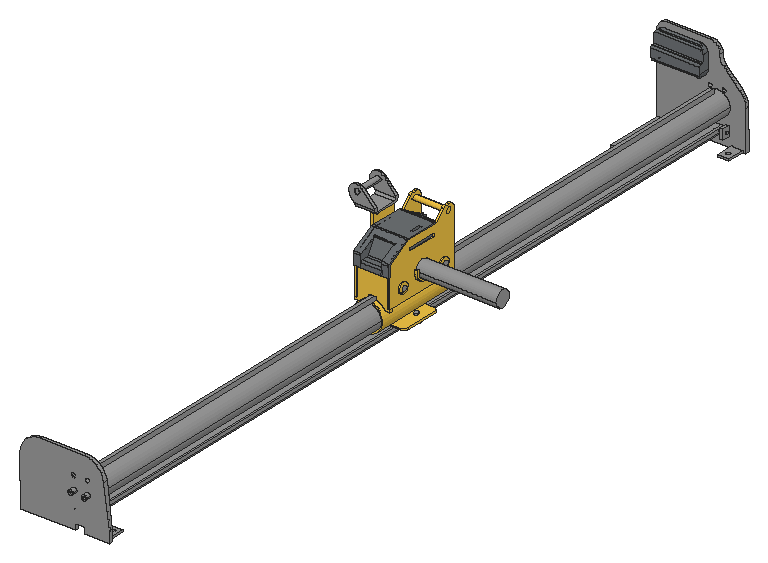
Revit family "ASSA_ABLOY_DockEquipment_DE6190MR", category Specialty Equipment, Revit 2020
Family settings
  Round Connector Dimension = Use Diameter
  Part Type = Normal
  Work Plane-Based = No
  Always vertical = Yes
  Cut with Voids When Loaded = No
  Shared = No
  Room Calculation Point = No
Parameters
  URL = "https://www.assaabloyentrance.com/global/en/solutions/products/loading-dock-equipment/vehicle-restraint-systems/assa-abloy-de6090mr-manual-restraint-system"
  RestraintColor [instance] = none
  ActivatedPosition [instance] = yes
  ParkingPosition [instance] = not(ActivatedPosition)  # no
  PositionOfManualRestraintWanted [instance] = 3000 mm
  PositionOfManualRestraint [instance] = if(and(H50, PositionOfManualRestraintWanted < 2845 mm), 2845 mm, if(and(H50, PositionOfManualRestraintWanted > 4310 mm), 4310 mm, if(and(H50, PositionOfManualRestraintWanted < 4310 mm, PositionOfManualRestraintWanted > 2844 mm), PositionOfManualRestraintWanted, if(and(H50XL, PositionOfManualRestraintWanted < 1245 mm), 1245 mm, if(and(H50XL, PositionOfManualRestraintWanted > 4710 mm), 4710 mm, if(and(H50XL, PositionOfManualRestraintWanted < 4710 mm, PositionOfManualRestraintWanted > 1244 mm), PositionOfManualRestraintWanted, PositionOfManualRestraintWanted))))))  # 3000 mm
  WorkingRange [instance] = if(H50, 1465 mm, 3465 mm)  # 3465 mm
  VoidXL [instance] = if(H50XL, 20 mm, 3 mm)  # 20 mm
  VoidQty [instance] = ((TotalLength - 420 mm) / 70 mm) + 1  # 53
  TotalLength [instance] = if(H50, 2030 mm, 4030 mm)  # 4030 mm
  RestraintSystemType [instance] = "H50 Or H50XL"  # constant formula
  RestraintFromBackRef [instance] = if(H50, 2600 mm, 1000 mm)  # 1000 mm
  PositionOfManualRestraintRange [instance] = "H50 : 2845mm To 4310mm, H50XL : 1245mm To 4710mm"  # constant formula
  Model = "DE6190MR"  # constant formula
  Manufacturer = "ASSA ABLOY"  # constant formula
  H50XL [instance] = not(H50)  # yes
  H50 [instance] = no
  Distance [instance] = 12 mm  # constant formula
  Description = "Docking: Equipment"  # constant formula
  Default Elevation = 0 mm
  Min.DistanceCentreWheelToBuffer = 850 mm
  CentreRestraintFromCentreLeveler [instance] = 1600 mm  # constant formula
  CentreBack [instance] = 245 mm  # constant formula
Reference planes
  plane 1 "Center (Front/Back)": y = 0
  plane 2: z = 0
  plane 3 "Center (Left/Right)": x = 0
  plane 4 "Back": y = 100
  plane 5: y = 950
  plane 6 "RestraintBack": y = 1100
  plane 7 "BackCentre": y = 1345
  plane 8 "FrontCentre": y = 4810
  plane 9: y = 2130
  plane 10 "RestraintFront": y = 5130
  plane 11 "CentreRestraint": x = -1600
  plane 12: z = 178.638
  plane 13 "1": y = 4908
  plane 14: y = 4838
  plane 15: y = 3140
  plane 16: y = 3100
  plane 17: y = 5123.13
  plane 18: y = 5115
Forms (mm)
  Sweep 1, solid, material "Steel, Galvanized"
    path origin (0, 0, 0) x (1, 0, 0) y (0, 1, 0)
      loop
        line (-1600, 5115) -> (-1600, 5130)
    profile origin (-1600, 5122.5, 0) x (-1, 0, 0) y (0, 0, 1)
      loop
        line (-32.404, 357.14) -> (-115.541, 274.003)
        arc (-115.541, 274.003) -> (-137.218, 241.561) -> (-144.83, 203.293) r 100
        line (-144.83, 203.293) -> (-144.83, 0) -> (305.182, 0) -> (305.182, 404.003)
        arc (305.182, 404.003) -> (290.537, 439.359) -> (255.182, 454.003) r 50
        line (255.182, 454.003) -> (35.17, 454.003)
        arc (35.17, 454.003) -> (0.313, 439.858) -> (-14.83, 405.423) r 50.021
        arc (-14.83, 405.423) -> (-18.265, 379.334) -> (-32.404, 357.14) r 60.79
      loop
        line (67.368, 395.945) -> (67.368, 355.253) -> (267.368, 355.253) -> (267.368, 395.945) -> (67.368, 395.945)
      loop
        circle (34, 247.638) r 10.5
      loop
        circle (33.604, 178.638) r 10.5
      loop
        circle (-36.791, 178.638) r 10.5
      loop
        circle (-36.396, 247.638) r 10.5
  Sweep 2, solid, material "Steel, Galvanized"
    path origin (0, 0, 0) x (1, 0, 0) y (0, 1, 0)
      loop
        line (-1600, 1100) -> (-1600, 1115)
    profile origin (-1600, 1107.5, 0) x (-1, 0, 0) y (0, 0, 1)
      loop
        line (-118.28, 266.407) -> (-144.83, 54.003) -> (-144.83, 0) -> (-22.763, 0) -> (-22.763, 23.461)
        arc (-22.763, 23.461) -> (-21.006, 27.703) -> (-16.763, 29.461) r 6
        line (-16.763, 29.461) -> (21.237, 29.461)
        arc (21.237, 29.461) -> (25.479, 27.703) -> (27.237, 23.461) r 6
        line (27.237, 23.461) -> (27.237, 0) -> (305.182, 0) -> (305.182, 254.003)
        arc (305.182, 254.003) -> (275.892, 324.714) -> (205.182, 354.003) r 100
        line (205.182, 354.003) -> (-19.052, 354.003)
        arc (-19.052, 354.003) -> (-85.233, 328.971) -> (-118.28, 266.407) r 100
      loop
        circle (-36.791, 178.638) r 10.5
      loop
        circle (-36.396, 247.638) r 10.5
      loop
        circle (34, 247.638) r 10.5
      loop
        circle (33.604, 178.638) r 10.5
  Sweep 3, solid, material "Steel, Galvanized"
    path origin (0, 0, 0) x (1, 0, 0) y (0, 1, 0)
      loop
        line (-1600, 5112.34) -> (-1600, 1122.34)
    profile origin (-1600, 3117.34, 0) x (1, 0, 0) y (0, 0, 1)
      loop
        line (24, 88.798) -> (-24, 88.798)
        arc (-24, 88.798) -> (-28.243, 87.04) -> (-30, 82.798) r 6
        line (-30, 82.798) -> (-30, 64.798)
        arc (-30, 64.798) -> (-28.243, 60.555) -> (-24, 58.798) r 6
        line (-24, 58.798) -> (24, 58.798)
        arc (24, 58.798) -> (28.243, 60.555) -> (30, 64.798) r 6
        line (30, 64.798) -> (30, 82.798)
        arc (30, 82.798) -> (28.243, 87.04) -> (24, 88.798) r 6
      loop
        line (24, 85.798) -> (-24, 85.798)
        arc (-24, 85.798) -> (-26.121, 84.919) -> (-27, 82.798) r 3
        line (-27, 82.798) -> (-27, 64.798)
        arc (-27, 64.798) -> (-26.121, 62.676) -> (-24, 61.798) r 3
        line (-24, 61.798) -> (24, 61.798)
        arc (24, 61.798) -> (26.121, 62.676) -> (27, 64.798) r 3
        line (27, 64.798) -> (27, 82.798)
        arc (27, 82.798) -> (26.121, 84.919) -> (24, 85.798) r 3
  Sweep 4, void
    path origin (0, 0, 0) x (1, 0, 0) y (0, 0, 1)
      loop
        line (-1600, 61.798) -> (-1600, 58.798)
    profile origin (-1600, 0, 60.298) x (0, -1, 0) y (1, 0, 0)
      loop
        arc (-5030.34, -15) -> (-5024.683, -12.657) -> (-5022.34, -7) r 8
        line (-5022.34, -7) -> (-5022.34, 7)
        arc (-5022.34, 7) -> (-5024.683, 12.657) -> (-5030.34, 15) r 8
        line (-5030.34, 15) -> (-5107.34, 15)
        arc (-5107.34, 15) -> (-5110.875, 16.464) -> (-5112.34, 20) r 5
        line (-5112.34, 20) -> (-5112.34, -20)
        arc (-5112.34, -20) -> (-5110.875, -16.464) -> (-5107.34, -15) r 5
        line (-5107.34, -15) -> (-5030.34, -15)
      loop
        line (-1194.34, -15) -> (-1127.34, -15)
        arc (-1127.34, -15) -> (-1123.804, -16.464) -> (-1122.34, -20) r 5
        line (-1122.34, -20) -> (-1122.34, 20)
        arc (-1122.34, 20) -> (-1123.804, 16.464) -> (-1127.34, 15) r 5
        line (-1127.34, 15) -> (-1194.34, 15)
        arc (-1194.34, 15) -> (-1199.997, 12.657) -> (-1202.34, 7) r 8
        line (-1202.34, 7) -> (-1202.34, -7)
        arc (-1202.34, -7) -> (-1199.997, -12.657) -> (-1194.34, -15) r 8
  Sweep 5, solid, material "Steel, Galvanized"
    path origin (0, 0, 0) x (1, 0, 0) y (0, 1, 0)
      loop
        line (-1600, 1115.712) -> (-1600, 5115)
    profile origin (-1600, 3115.356, 0) x (-1, 0, 0) y (0, 0, 1)
      loop
        circle (0, 178.638) r 55
      loop
        circle (0, 178.638) r 62.362
  Sweep 6, solid, material "Steel, Galvanized"
    path origin (0, 0, 0) x (1, 0, 0) y (0, 1, 0)
      loop
        line (-1600, 1152.712) -> (-1600, 5078.872)
    profile origin (-1600, 3115.792, 0) x (-1, 0, 0) y (0, 0, 1)
      loop
        line (10, 261) -> (-10, 261) -> (-10, 241) -> (10, 241) -> (10, 261)
  Sweep 7, solid, material "Steel, Galvanized"
    path origin (-1600, 0, 0) x (0, 1, 0) y (0, 0, 1)
      loop
        line (5115, 15) -> (5115, 0)
    profile origin (-1600, 5115, 7.5) x (1, 0, 0) y (0, 1, 0)
      loop
        line (-296.182, -299.956) -> (-196.182, -299.956) -> (-146.182, -224.956) -> (-146.182, 0.044) -> (-296.182, 0.044) -> (-296.182, -299.956)
      loop
        line (-196.182, -3699.582) -> (-296.182, -3699.582) -> (-296.182, -3999.582) -> (-146.182, -3999.582) -> (-146.182, -3774.582) -> (-196.182, -3699.582)
      loop
        circle (-256.149, -149.936) r 10.5
      loop
        circle (-200.068, -149.777) r 17.489
      loop
        circle (-256.075, -250.165) r 9
      loop
        circle (-255.9, -49.622) r 9
      loop
        circle (-256.149, -3850.064) r 10.5
      loop
        circle (-200.068, -3850.223) r 17.489
      loop
        circle (-256.075, -3749.835) r 9
      loop
        circle (-255.9, -3950.378) r 9
  Sweep 8, solid, material "Steel, Galvanized"
    path origin (-1600, 0, 0) x (0, 1, 0) y (0, 0, 1)
      loop
        line (5115, 9.7) -> (5115, 0)
    profile origin (-1600, 5115, 4.85) x (1, 0, 0) y (0, 1, 0)
      loop
        line (74.218, -89.673) -> (129.334, -89.673) -> (129.334, 0) -> (74.218, 0) -> (74.218, -89.673)
      loop
        circle (101.962, -59.732) r 10
      loop
        line (74.218, -3909.321) -> (74.218, -4000) -> (129.334, -4000) -> (129.334, -3909.321) -> (74.218, -3909.321)
      loop
        circle (101.962, -3940.268) r 10
  Sweep 9, solid, material "Steel, Galvanized"
    path origin (-1600, 0, 0) x (0, 1, 0) y (0, 0, 1)
      loop
        line (5115, 47.489) -> (5075.712, 47.489)
    profile origin (-1600, 5095.356, 47.489) x (0, 0, -1) y (1, 0, 0)
      loop
        line (-49.654, -58.333) -> (0, -58.333) -> (0, -46.191) -> (-49.654, -46.191) -> (-49.654, -58.333)
      loop
        line (0, 45.671) -> (0, 57.642) -> (-49.654, 57.642) -> (-49.654, 45.671) -> (0, 45.671)
  Sweep 10, solid, material "Steel, Galvanized"
    path origin (-1600, 0, 0) x (0, 1, 0) y (0, 0, 1)
      loop
        line (1155.852, 47.489) -> (1115.852, 47.489)
    profile origin (-1600, 1135.852, 47.489) x (0, 0, -1) y (1, 0, 0)
      loop
        line (-49.654, -58.333) -> (0, -58.333) -> (0, -46.191) -> (-49.654, -46.191) -> (-49.654, -58.333)
      loop
        line (0, 45.671) -> (0, 57.642) -> (-49.654, 57.642) -> (-49.654, 45.671) -> (0, 45.671)
  Sweep 11, solid, material "Steel, Galvanized"
    path origin (0, 0, 0) x (1, 0, 0) y (0, 1, 0)
      loop
        line (-1533.521, 5095.712) -> (-1666.479, 5095.712)
    profile origin (-1600, 5095.712, 0) x (0, -1, 0) y (0, 0, 1)
      loop
        circle (-0.081, 74.55) r 5.58
  Sweep 12, solid, material "Steel, Galvanized"
    path origin (0, 0, 0) x (1, 0, 0) y (0, 1, 0)
      loop
        line (-1664.796, 1135.852) -> (-1531.828, 1135.852)
    profile origin (-1598.312, 1135.852, 0) x (0, 1, 0) y (0, 0, 1)
      loop
        circle (-0.081, 74.55) r 5.58
  Sweep 13, void
    path origin (-1600, 800, 60.298) x (0, -1, 0) y (1, 0, 0)
      loop
        line (-4120, -70.356) -> (-4120, -50.356)
    profile origin (-1660.356, 4920, 60.298) x (0, 1, 0) y (0, 0, 1)
      loop
        circle (0, 118.341) r 12
      loop
        circle (-70, 118.341) r 12
      loop
        circle (-140, 118.341) r 12
      loop
        circle (-210, 118.341) r 12
      loop
        circle (-280, 118.341) r 12
      loop
        circle (-350, 118.341) r 12
      loop
        circle (-420, 118.341) r 12
      loop
        circle (-490, 118.341) r 12
      loop
        circle (-560, 118.341) r 12
      loop
        circle (-630, 118.341) r 12
      loop
        circle (-700, 118.341) r 12
      loop
        circle (-770, 118.341) r 12
      loop
        circle (-840, 118.341) r 12
      loop
        circle (-910, 118.341) r 12
      loop
        circle (-980, 118.341) r 12
      loop
        circle (-1050, 118.341) r 12
      loop
        circle (-1120, 118.341) r 12
      loop
        circle (-1190, 118.341) r 12
      loop
        circle (-1260, 118.341) r 12
      loop
        circle (-1330, 118.341) r 12
      loop
        circle (-1400, 118.341) r 12
      loop
        circle (-1470, 118.341) r 12
      loop
        circle (-1540, 118.341) r 12
      loop
        circle (-1610, 118.341) r 12
      loop
        circle (-1680, 118.341) r 12
  Sweep 14, void
    path origin (-1600, 800, 60.298) x (0, -1, 0) y (1, 0, 0)
      loop
        line (-4120, -70.356) -> (-4120, -50.356)
    profile origin (-1660.356, 4920, 60.298) x (0, 1, 0) y (0, 0, 1)
      loop
        circle (-1750, 118.341) r 12
      loop
        circle (-1820, 118.341) r 12
      loop
        circle (-1890, 118.341) r 12
      loop
        circle (-1960, 118.341) r 12
      loop
        circle (-2030, 118.341) r 12
      loop
        circle (-2100, 118.341) r 12
      loop
        circle (-2170, 118.341) r 12
      loop
        circle (-2240, 118.341) r 12
      loop
        circle (-2310, 118.341) r 12
      loop
        circle (-2380, 118.341) r 12
      loop
        circle (-2450, 118.341) r 12
      loop
        circle (-2520, 118.341) r 12
      loop
        circle (-2590, 118.341) r 12
      loop
        circle (-2660, 118.341) r 12
      loop
        circle (-2730, 118.341) r 12
      loop
        circle (-2800, 118.341) r 12
      loop
        circle (-2870, 118.341) r 12
      loop
        circle (-2940, 118.341) r 12
      loop
        circle (-3010, 118.341) r 12
      loop
        circle (-3080, 118.341) r 12
      loop
        circle (-3150, 118.341) r 12
      loop
        circle (-3220, 118.341) r 12
      loop
        circle (-3290, 118.341) r 12
      loop
        circle (-3360, 118.341) r 12
      loop
        circle (-3430, 118.341) r 12
      loop
        circle (-3500, 118.341) r 12
      loop
        circle (-3570, 118.341) r 12
  Sweep 15, solid, material "Paint Finish RAL 7016"
    path origin (-1600, 0, 0) x (0, 1, 0) y (0, 0, 1)
      loop
        line (5115, 337.273) -> (5069.234, 337.273)
    profile origin (-1600, 5092.117, 337.273) x (0, 0, -1) y (1, 0, 0)
      loop
        line (-87.557, -84.065) -> (-87.557, -263.884)
        arc (-87.557, -263.884) -> (-77.289, -288.673) -> (-52.5, -298.941) r 35.057
        line (-52.5, -298.941) -> (25.653, -298.941)
        arc (25.653, -298.941) -> (51.415, -288.27) -> (62.086, -262.508) r 36.433
        line (62.086, -262.508) -> (62.086, -84.762)
        arc (62.086, -84.762) -> (51.696, -59.678) -> (26.613, -49.288) r 35.474
        line (26.613, -49.288) -> (-52.78, -49.288)
        arc (-52.78, -49.288) -> (-77.371, -59.474) -> (-87.557, -84.065) r 34.777
  Extrusion 16, void
    sketch origin (-1600, 0, 0) x (0, 1, 0) y (0, 0, 1)
      loop
        line (5116.149, 425.246) -> (5116.149, 442.602) -> (5041.149, 442.602) -> (5041.149, 269.321) -> (5116.149, 269.321) -> (5116.149, 274.846) -> (5112.744, 275.187)
        arc (5112.744, 275.187) -> (5107.186, 277.529) -> (5103.914, 282.596) r 10.23
        arc (5103.914, 282.596) -> (5102.595, 285.781) -> (5099.409, 287.101) r 4.505
        line (5099.409, 287.101) -> (5077.731, 287.959)
        arc (5077.731, 287.959) -> (5071.723, 290.448) -> (5069.234, 296.456) r 8.497
        line (5069.234, 296.456) -> (5069.234, 341.132)
        arc (5069.234, 341.132) -> (5071.964, 347.722) -> (5078.554, 350.451) r 9.32
        line (5078.554, 350.451) -> (5084.222, 350.838)
        arc (5084.222, 350.838) -> (5087.766, 352.306) -> (5089.234, 355.85) r 5.012
        line (5089.234, 355.85) -> (5089.234, 405.667)
        arc (5089.234, 405.667) -> (5092.024, 412.401) -> (5098.758, 415.19) r 9.524
        arc (5098.758, 415.19) -> (5101.785, 416.145) -> (5103.717, 418.663) r 5.277
        arc (5103.717, 418.663) -> (5106.93, 422.982) -> (5111.987, 424.83) r 9.399
        line (5111.987, 424.83) -> (5116.149, 425.246)
    from -305.182 to 144.83
  Extrusion 17, solid, material "GreenLight", visible <- "ParkingPosition"
    sketch origin (0, 0, 0) x (1, 0, 0) y (0, 0, 1)
      loop
        line (-1867.368, 395.945) -> (-1867.368, 355.253) -> (-1667.368, 355.253) -> (-1667.368, 395.945) -> (-1867.368, 395.945)
    from -5115 to -5123.13
  Extrusion 18, solid, material "RedLight", visible <- "ActivatedPosition"
    sketch origin (0, 0, 0) x (1, 0, 0) y (0, 0, 1)
      loop
        line (-1667.368, 395.945) -> (-1867.368, 395.945) -> (-1867.368, 355.253) -> (-1667.368, 355.253) -> (-1667.368, 395.945)
    from -5115 to -5123.13
  Sweep 19, solid, material "Steel, Galvanized"
    path origin (-1600, 0, 60.298) x (0, -1, 0) y (1, 0, 0)
      loop
        line (-1076.963, 0) -> (-1100, 0)
    profile origin (-1600, 1088.481, 60.298) x (-1, 0, 0) y (0, 0, 1)
      loop
        circle (33.574, 118.341) r 11.608
      loop
        line (40.361, 122.013) -> (34, 125.686) -> (28.035, 122.242) -> (28.035, 114.44) -> (34, 110.995) -> (40.361, 114.668) -> (40.361, 122.013)
      loop
        circle (-35.574, 118.341) r 11.608
      loop
        line (-42.361, 122.013) -> (-42.361, 114.668) -> (-36, 110.995) -> (-30.035, 114.44) -> (-30.035, 122.242) -> (-36, 125.686) -> (-42.361, 122.013)
  Sweep 20, solid, material "Steel, Galvanized"
    path origin (-1600, 8030, 60.298) x (0, 1, 0) y (1, 0, 0)
      loop
        line (-2876.963, 0) -> (-2900, 0)
    profile origin (-1600, 5141.519, 60.298) x (1, 0, 0) y (0, 0, 1)
      loop
        circle (-33.574, 118.341) r 11.608
      loop
        line (-40.361, 122.013) -> (-40.361, 114.668) -> (-34, 110.995) -> (-28.035, 114.44) -> (-28.035, 122.242) -> (-34, 125.686) -> (-40.361, 122.013)
      loop
        circle (35.574, 118.341) r 11.608
      loop
        line (42.361, 122.013) -> (36, 125.686) -> (30.035, 122.242) -> (30.035, 114.44) -> (36, 110.995) -> (42.361, 114.668) -> (42.361, 122.013)
Cuts and joins
  Sweep 4 cuts Sweep 3
  Sweep 13, Sweep 14 cuts Sweep 5
  Extrusion 16 cuts Sweep 15
Dimensions and locks
  "Min.DistanceCentreWheelToBuffer": plane 5 to plane 4 "Back"
  "RestraintFromBackRef": plane 6 "RestraintBack" to plane 4 "Back"
  locked: plane 4 "Back" to plane 1 "Center (Front/Back)" at 100
  locked: plane 7 "BackCentre" to plane 6 "RestraintBack" at 245
  "WorkingRange": plane 8 "FrontCentre" to plane 7 "BackCentre"
  "TotalLength": plane 10 "RestraintFront" to plane 6 "RestraintBack"
  "CentreRestraintFromCentreLeveler": plane 11 "CentreRestraint" to plane 3 "Center (Left/Right)"
  Sweep 1 sketch curve to Sweep 1 sketch curve = 15 mm
  Sweep 2 sketch curve to Sweep 2 sketch curve = 15 mm
  Sweep 3 sketch curve to plane 6 "RestraintBack" = 22.34 mm
  plane 10 "RestraintFront" to Sweep 3 sketch curve = 17.66 mm
  Sweep 4 sketch curve to Sweep 4 sketch curve to plane 2 = 3 mm, 58.798 mm
  plane 10 "RestraintFront" to Sweep 4 sketch curve to Sweep 4 sketch curve = 17.66 mm, 90 mm
  Sweep 4 sketch curve to Sweep 4 sketch curve = 80 mm
  Sweep 4 sketch curve to plane 6 "RestraintBack" = 22.34 mm
  locked: plane 12 to plane 2 at 178.638
  plane 10 "RestraintFront" to Sweep 5 sketch curve = 15 mm
  Sweep 5 sketch curve to plane 6 "RestraintBack" = 15.712 mm
  plane 10 "RestraintFront" to Sweep 6 sketch curve = 51.128 mm
  Sweep 6 sketch curve to plane 6 "RestraintBack" = 52.712 mm
  Sweep 6 sketch curve to Sweep 6 sketch curve to plane 2 = 20 mm, 241 mm
  plane 10 "RestraintFront" to Sweep 7 sketch curve = 15 mm
  Sweep 7 sketch curve to Sweep 7 sketch curve = 15 mm
  Sweep 7 sketch curve to Sweep 7 sketch curve to plane 6 "RestraintBack" = 300 mm, 15.418 mm
  plane 10 "RestraintFront" to Sweep 7 sketch curve to Sweep 7 sketch curve = 14.956 mm, 300 mm
  Sweep 7 sketch curve to Sweep 7 sketch curve to plane 11 "CentreRestraint" = 150 mm, 146.182 mm  (x2)
  Sweep 8 sketch curve to Sweep 8 sketch curve = 9.7 mm
  plane 10 "RestraintFront" to Sweep 8 sketch curve = 15 mm
  plane 11 "CentreRestraint" to Sweep 8 sketch curve to Sweep 8 sketch curve = 74.218 mm, 55.116 mm  (x2)
  plane 6 "RestraintBack" to Sweep 8 sketch curve to Sweep 8 sketch curve = 15 mm, 90.679 mm
  Sweep 8 sketch curve to Sweep 8 sketch curve to plane 10 "RestraintFront" = 89.673 mm, 15 mm
  plane 2 to Sweep 9 sketch curve = 47.489 mm
  plane 10 "RestraintFront" to Sweep 9 sketch curve to Sweep 9 sketch curve = 15 mm, 39.288 mm
  Sweep 9 sketch curve to Sweep 9 sketch curve to plane 11 "CentreRestraint" to Sweep 9 sketch curve to Sweep 9 sketch curve = 11.971 mm, 45.671 mm, 46.191 mm, 12.142 mm
  Sweep 10 sketch curve to Sweep 10 sketch curve = 40 mm
  Sweep 10 sketch curve to plane 6 "RestraintBack" = 15.852 mm
  plane 2 to Sweep 10 sketch curve = 47.489 mm
  Sweep 10 sketch curve to Sweep 10 sketch curve to plane 11 "CentreRestraint" to Sweep 10 sketch curve to Sweep 10 sketch curve = 11.971 mm, 45.671 mm, 46.191 mm, 12.142 mm
  equal spacing: Sweep 11 sketch curve, plane 11 "CentreRestraint", Sweep 11 sketch curve
  plane 10 "RestraintFront" to Sweep 11 sketch curve = 34.288 mm
  Sweep 12 sketch curve to plane 11 "CentreRestraint" to Sweep 12 sketch curve = 64.796 mm, 68.172 mm
  Sweep 12 sketch curve to plane 6 "RestraintBack" = 35.852 mm
  locked: plane 10 "RestraintFront" to plane 13 "1" at 222
  Sweep 13 sketch curve to Sweep 13 sketch curve = 20 mm
  plane 13 "1" to plane 14 = 70 mm
  "VoidXL": Sweep 14 sketch curve to Sweep 14 sketch curve
  Sweep 14 sketch curve to plane 11 "CentreRestraint" = 70.356 mm
  locked: plane 15 to plane 16 at 40
  "PositionOfManualRestraint": plane 16 to plane 4 "Back"
  plane 5 to plane 6 "RestraintBack" = 150 mm
  plane 6 "RestraintBack" to Extrusion 17 = 4023.13 mm
  locked: plane 10 "RestraintFront" to Extrusion 18 at 6.87
  locked: plane 10 "RestraintFront" to plane 17 at 6.87
  plane 10 "RestraintFront" to plane 18 = 15 mm
  Sweep 19 sketch curve to Sweep 19 sketch curve = 23.037 mm
  Sweep 20 sketch curve to Sweep 20 sketch curve = 23.037 mm  (x2)
  radius of Sweep 5 sketch curve = 55 mm
  radius of Sweep 5 sketch curve = 62.362 mm
  aligned and locked: level to plane 2
  aligned and locked: plane 11 "CentreRestraint" to Sweep 1 sketch curve
  aligned and locked: Sweep 1 sketch curve to plane 2
  aligned and locked: plane 10 "RestraintFront" to Sweep 1 sketch curve
  aligned and locked: Sweep 2 sketch curve to plane 11 "CentreRestraint"
  aligned and locked: plane 6 "RestraintBack" to Sweep 2 sketch curve
  aligned and locked: Sweep 3 sketch curve to plane 11 "CentreRestraint"
  aligned and locked: Sweep 4 sketch curve to plane 11 "CentreRestraint"
  aligned and locked: Sweep 5 sketch curve to plane 11 "CentreRestraint"
  aligned and locked: Sweep 6 sketch curve to plane 11 "CentreRestraint"
  aligned and locked: plane 2 to Sweep 7 sketch curve
  aligned and locked: plane 2 to Sweep 8 sketch curve
  aligned and locked: Sweep 1 to Extrusion 16
  aligned and locked: Extrusion 16 to Sweep 1
  aligned and locked: Extrusion 17 sketch curve to Sweep 1  (x4)
  aligned and locked: Extrusion 18 sketch curve to Extrusion 17  (x4)
  aligned and locked: Extrusion 17 to Extrusion 18
  aligned and locked: plane 18 to Extrusion 18
  aligned and locked: plane 18 to Extrusion 17
  aligned and locked: nested 1 to plane 15
  aligned and locked: nested 1 to plane 11 "CentreRestraint"
  aligned and locked: plane 6 "RestraintBack" to Sweep 19 sketch curve
  aligned and locked: Sweep 19 sketch curve to plane 11 "CentreRestraint"
  aligned and locked: Sweep 20 sketch curve to plane 11 "CentreRestraint"
  aligned and locked: plane 10 "RestraintFront" to Sweep 20 sketch curve
Automatic sketch dimensions
  Sweep 1 sketch curve to Sweep 1 sketch curve = 0 mm  (x9)
  profile plane to Sweep 1 sketch curve = 144.83 mm
  Sweep 1 sketch curve to Sweep 1 sketch curve = 29.289 mm
  profile plane to Sweep 1 sketch curve = 75.389 mm
  profile plane to Sweep 1 sketch curve = 44.83 mm
  Sweep 1 sketch curve to Sweep 1 sketch curve = 8.039 mm
  profile plane to Sweep 1 sketch curve = 36.396 mm
  profile plane to Sweep 1 sketch curve = 32.404 mm
  Sweep 1 sketch curve to profile plane = 33.604 mm
  Sweep 1 sketch curve to profile plane = 34 mm
  Sweep 1 sketch curve to profile plane = 35.17 mm
  Sweep 1 sketch curve to Sweep 1 sketch curve = 32.198 mm
  Sweep 1 sketch curve to Sweep 1 sketch curve = 187.814 mm
  Sweep 1 sketch curve to Sweep 1 sketch curve = 12.186 mm
  Sweep 1 sketch curve to Sweep 1 sketch curve = 37.814 mm
  level to Sweep 1 sketch curve = 178.638 mm
  Sweep 1 sketch curve to Sweep 1 sketch curve = 24.655 mm
  Sweep 1 sketch curve to Sweep 1 sketch curve = 69.001 mm
  Sweep 1 sketch curve to Sweep 1 sketch curve = 44.346 mm
  Sweep 1 sketch curve to Sweep 1 sketch curve = 107.615 mm
  Sweep 1 sketch curve to Sweep 1 sketch curve = 1.887 mm
  Sweep 1 sketch curve to Sweep 1 sketch curve = 40.692 mm
  Sweep 1 sketch curve to Sweep 1 sketch curve = 42.985 mm
  Sweep 1 sketch curve to Sweep 1 sketch curve = 8.038 mm
  Sweep 1 sketch curve to Sweep 1 sketch curve = 8.059 mm
  Sweep 1 sketch curve to Sweep 1 sketch curve = 10.5 mm  (x4)
  Sweep 2 sketch curve to Sweep 2 sketch curve = 0 mm  (x10)
  Sweep 2 sketch curve to level = 0 mm  (x2)
  level to Sweep 2 sketch curve = 54.003 mm
  profile plane to Sweep 2 sketch curve = 144.83 mm
  profile plane to Sweep 2 sketch curve = 118.28 mm
  profile plane to Sweep 2 sketch curve = 36.791 mm
  profile plane to Sweep 2 sketch curve = 36.396 mm
  profile plane to Sweep 2 sketch curve = 22.763 mm
  Sweep 2 sketch curve to Sweep 2 sketch curve = 17.344 mm
  Sweep 2 sketch curve to Sweep 2 sketch curve = 6 mm  (x2)
  Sweep 2 sketch curve to profile plane = 21.237 mm
  Sweep 2 sketch curve to profile plane = 33.604 mm
  Sweep 2 sketch curve to profile plane = 34 mm
  Sweep 2 sketch curve to Sweep 2 sketch curve = 171.182 mm
  Sweep 2 sketch curve to Sweep 2 sketch curve = 100 mm
  level to Sweep 2 sketch curve = 23.461 mm
  Sweep 2 sketch curve to Sweep 2 sketch curve = 149.177 mm
  Sweep 2 sketch curve to Sweep 2 sketch curve = 69.001 mm
  level to Sweep 2 sketch curve = 254.003 mm
  Sweep 2 sketch curve to Sweep 2 sketch curve = 6.365 mm
  Sweep 2 sketch curve to Sweep 2 sketch curve = 10.5 mm  (x4)
  Sweep 3 sketch curve to Sweep 3 sketch curve = 0 mm  (x9)
  profile plane to Sweep 3 sketch curve = 30 mm
  Sweep 3 sketch curve to Sweep 3 sketch curve = 3 mm  (x4)
  Sweep 3 sketch curve to profile plane = 24 mm
  level to Sweep 3 sketch curve = 58.798 mm
  Sweep 3 sketch curve to Sweep 3 sketch curve = 18 mm
  Sweep 4 sketch curve to Sweep 4 sketch curve = 5 mm  (x8)
  Sweep 4 sketch curve to Sweep 4 sketch curve = 8 mm  (x4)
  profile plane to Sweep 4 sketch curve = 20 mm  (x2)
  Sweep 4 sketch curve to profile plane = 7 mm  (x2)
  Sweep 4 sketch curve to Sweep 4 sketch curve = 0 mm  (x4)
  Sweep 5 sketch curve to Sweep 5 sketch curve = 0 mm  (x2)
  Sweep 5 sketch curve to profile plane = 0 mm
  level to Sweep 5 sketch curve = 178.638 mm
  profile plane to Sweep 6 sketch curve = 10 mm
  Sweep 6 sketch curve to profile plane = 10 mm
  Sweep 7 sketch curve to Sweep 7 sketch curve = 109.967 mm  (x2)
  Sweep 7 sketch curve to Sweep 7 sketch curve = 40.107 mm  (x2)
  Sweep 7 sketch curve to Sweep 7 sketch curve = 40.282 mm  (x2)
  Sweep 7 sketch curve to Sweep 7 sketch curve = 56.081 mm  (x2)
  Sweep 7 sketch curve to Sweep 7 sketch curve = 59.893 mm  (x2)
  Sweep 7 sketch curve to Sweep 7 sketch curve = 49.204 mm
  Sweep 7 sketch curve to Sweep 7 sketch curve = 100.155 mm
  Sweep 7 sketch curve to Sweep 7 sketch curve = 0.159 mm  (x2)
  Sweep 7 sketch curve to Sweep 7 sketch curve = 75 mm  (x2)
  Sweep 7 sketch curve to Sweep 7 sketch curve = 50.253 mm
  Sweep 7 sketch curve to Sweep 7 sketch curve = 49.791 mm
  Sweep 7 sketch curve to Sweep 7 sketch curve = 100.229 mm
  profile plane to Sweep 7 sketch curve = 49.622 mm
  Sweep 8 sketch curve to Sweep 8 sketch curve = 27.372 mm  (x2)
  Sweep 8 sketch curve to Sweep 8 sketch curve = 30.947 mm
  Sweep 8 sketch curve to Sweep 8 sketch curve = 29.941 mm
  Sweep 9 sketch curve to profile plane = 0 mm  (x2)
  profile plane to Sweep 9 sketch curve = 49.654 mm  (x2)
  Sweep 10 sketch curve to profile plane = 0 mm  (x2)
  profile plane to Sweep 10 sketch curve = 49.654 mm  (x2)
  Sweep 11 sketch curve to plane 11 "CentreRestraint" = 66.479 mm
  profile plane to Sweep 11 sketch curve = 0.081 mm
  level to Sweep 11 sketch curve = 74.55 mm
  profile plane to Sweep 12 sketch curve = 0.081 mm
  level to Sweep 12 sketch curve = 74.55 mm
  Sweep 13 sketch curve to plane 13 "1" = 12 mm
  Sweep 13 sketch curve to plane 11 "CentreRestraint" = 70.356 mm
  Sweep 13 sketch curve to profile plane = 0 mm
  profile plane to Sweep 13 sketch curve = 70 mm
  Sweep 13 sketch curve to Sweep 13 sketch curve = 70 mm  (x23)
  profile plane to Sweep 13 sketch curve = 118.341 mm
  Sweep 13 sketch curve to Sweep 13 sketch curve = 0 mm  (x24)
  profile plane to Sweep 14 sketch curve = 118.341 mm
  profile plane to Sweep 14 sketch curve = 3570 mm
  Sweep 14 sketch curve to Sweep 14 sketch curve = 70 mm  (x26)
  Sweep 14 sketch curve to Sweep 14 sketch curve = 0 mm  (x26)
  Sweep 15 sketch curve to plane 18 = 0 mm
  plane 18 to Sweep 15 sketch curve = 45.766 mm
  plane 12 to Sweep 15 sketch curve = 158.635 mm
  profile plane to Sweep 15 sketch curve = 87.557 mm
  Sweep 15 sketch curve to Sweep 15 sketch curve = 34.777 mm
  Sweep 15 sketch curve to Sweep 15 sketch curve = 35.057 mm
  Sweep 15 sketch curve to profile plane = 25.653 mm
  Sweep 15 sketch curve to profile plane = 26.613 mm
  Sweep 15 sketch curve to Sweep 15 sketch curve = 36.433 mm
  Sweep 15 sketch curve to plane 11 "CentreRestraint" = 298.941 mm
  Sweep 15 sketch curve to plane 11 "CentreRestraint" = 84.762 mm
  plane 18 to Extrusion 16 sketch curve = 73.851 mm
  plane 18 to Extrusion 16 sketch curve = 45.766 mm
  Extrusion 16 sketch curve to Extrusion 16 sketch curve = 8.497 mm
  Extrusion 16 sketch curve to Extrusion 16 sketch curve = 9.32 mm
  Extrusion 16 sketch curve to Extrusion 16 sketch curve = 5.668 mm
  plane 18 to Extrusion 16 sketch curve = 25.766 mm
  Extrusion 16 sketch curve to Extrusion 16 sketch curve = 9.524 mm
  plane 18 to Extrusion 16 sketch curve = 15.591 mm
  plane 18 to Extrusion 16 sketch curve = 3.013 mm
  plane 18 to Extrusion 16 sketch curve = 2.451 mm
  plane 18 to Extrusion 16 sketch curve = 2.256 mm
  plane 18 to Extrusion 16 sketch curve = 1.238 mm
  Extrusion 16 sketch curve to plane 18 = 1.149 mm  (x2)
  plane 12 to Extrusion 16 sketch curve = 90.682 mm
  Extrusion 16 sketch curve to Extrusion 16 sketch curve = 5.525 mm
  Extrusion 16 sketch curve to Extrusion 16 sketch curve = 0.341 mm
  Extrusion 16 sketch curve to Extrusion 16 sketch curve = 7.409 mm
  Extrusion 16 sketch curve to Extrusion 16 sketch curve = 10.179 mm
  Extrusion 16 sketch curve to Extrusion 16 sketch curve = 0.859 mm
  Extrusion 16 sketch curve to Extrusion 16 sketch curve = 44.676 mm
  Extrusion 16 sketch curve to Extrusion 16 sketch curve = 0.386 mm
  Extrusion 16 sketch curve to Extrusion 16 sketch curve = 49.816 mm
  Extrusion 16 sketch curve to Extrusion 16 sketch curve = 0.257 mm
  Extrusion 16 sketch curve to Extrusion 16 sketch curve = 5.277 mm
  Extrusion 16 sketch curve to Extrusion 16 sketch curve = 9.382 mm
  Extrusion 16 sketch curve to Extrusion 16 sketch curve = 0.416 mm
  Extrusion 16 sketch curve to Extrusion 16 sketch curve = 36.936 mm
  Extrusion 16 sketch curve to Extrusion 16 sketch curve = 0 mm
  profile plane to Sweep 19 sketch curve = 42.361 mm
  Sweep 19 sketch curve to Sweep 19 sketch curve = 6.361 mm  (x3)
  Sweep 19 sketch curve to Sweep 19 sketch curve = 0.426 mm
  Sweep 19 sketch curve to Sweep 19 sketch curve = 5.539 mm  (x2)
  Sweep 19 sketch curve to profile plane = 28.035 mm
  Sweep 19 sketch curve to Sweep 19 sketch curve = 5.965 mm  (x2)
  Sweep 19 sketch curve to profile plane = 110.995 mm
  Sweep 19 sketch curve to Sweep 19 sketch curve = 0 mm
  Sweep 19 sketch curve to Sweep 19 sketch curve = 3.444 mm  (x4)
  Sweep 19 sketch curve to Sweep 19 sketch curve = 3.673 mm  (x2)
  Sweep 19 sketch curve to Sweep 19 sketch curve = 3.901 mm  (x4)
  Sweep 19 sketch curve to Sweep 19 sketch curve = 7.345 mm  (x2)
  profile plane to Sweep 20 sketch curve = 40.361 mm
  Sweep 20 sketch curve to Sweep 20 sketch curve = 6.361 mm  (x3)
  Sweep 20 sketch curve to Sweep 20 sketch curve = 0.426 mm
  Sweep 20 sketch curve to Sweep 20 sketch curve = 5.539 mm  (x2)
  Sweep 20 sketch curve to profile plane = 30.035 mm
  Sweep 20 sketch curve to Sweep 20 sketch curve = 5.965 mm  (x2)
  Sweep 20 sketch curve to profile plane = 110.995 mm
  Sweep 20 sketch curve to Sweep 20 sketch curve = 0 mm
  Sweep 20 sketch curve to Sweep 20 sketch curve = 3.444 mm  (x4)
  Sweep 20 sketch curve to Sweep 20 sketch curve = 3.673 mm  (x2)
  Sweep 20 sketch curve to Sweep 20 sketch curve = 3.901 mm  (x4)
  Sweep 20 sketch curve to Sweep 20 sketch curve = 7.345 mm  (x2)
  Sweep 14 sketch curve to plane 13 "1" = 12 mm
  radius of Sweep 7 sketch curve = 10.5 mm  (x2)
  radius of Sweep 7 sketch curve = 17.489 mm  (x2)
  radius of Sweep 7 sketch curve = 9 mm  (x4)
  radius of Sweep 8 sketch curve = 10 mm  (x2)
  radius of Sweep 11 sketch curve = 5.58 mm
  radius of Sweep 12 sketch curve = 5.58 mm
  radius of Sweep 13 sketch curve = 12 mm  (x25)
  radius of Sweep 14 sketch curve = 12 mm  (x27)
  radius of Sweep 19 sketch curve = 11.608 mm  (x2)
  radius of Sweep 20 sketch curve = 11.608 mm  (x2)
Nested families
  nested 1: "ASSA_ABLOY_DockEquipment_DE6190MR_Restaint" at (0, -701.165, 0), CentreRestraint <- "CentreRestraintFromCentreLeveler", ActivatedPosition <- "ActivatedPosition", ParkingPosition <- "ParkingPosition", type "ASSA_ABLOY_DockEquipment_DE6190MR_Restaint"
    with WorkingRange 1465 mm, WheelSetDiameterRange "780mm to 1150mm", VoidXL 3 mm, VoidQty 24, TotalLength 2030 mm, TopArmPosition 89.7 mm, RestraintSystemType "H50 Or H50XL", RestraintFromBackRef 2600 mm, RestraintColor Paint Finish RAL 1021, ParkingPosition no, Min.DistanceCentreWheelToBuffer 2315 mm, H50XL no, H50 yes, Distance 12 mm, CentreRestraint 1600 mm, CentreBack 245 mm, BlockingArmPosition 496.8 mm, BlockingArmHolderPosition 117 mm, ActivatedPosition yes, 780mm no, 1150mm yes
Definition of nested family "ASSA_ABLOY_DockEquipment_DE6190MR_Restaint"
  Parameters (values of type "ASSA_ABLOY_DockEquipment_DE6190MR_Restaint")
    WorkingRange [instance] = if(H50, 1465 mm, 3465 mm)  # 1465 mm
    WheelSetDiameterRange [instance] = "780mm to 1150mm"  # constant formula
    VoidXL [instance] = if(H50XL, 20 mm, 3 mm)  # 3 mm
    VoidQty [instance] = ((TotalLength - 420 mm) / 70 mm) + 1  # 24
    TotalLength [instance] = if(H50, 2030 mm, 4030 mm)  # 2030 mm
    TopArmPosition [instance] = if(ParkingPosition, 450 mm, 89.7 mm)  # 450 mm
    RestraintSystemType [instance] = "H50 Or H50XL"  # constant formula
    RestraintFromBackRef [instance] = if(H50, 2600 mm, 1000 mm)  # 2600 mm
    RestraintColor [instance] = none
    ActivatedPosition [instance] = no
    ParkingPosition [instance] = yes
    H50XL [instance] = not(H50)  # no
    H50 [instance] = yes
    Distance [instance] = 12 mm  # constant formula
    Default Elevation = 0 mm
    Min.DistanceCentreWheelToBuffer [instance] = if(and(H50XL, [780mm]), 850 mm, if(and(H50XL, [1150mm]), 715 mm, if(and(H50, [780mm]), 2450 mm, if(and(H50, [1150mm]), 2315 mm, 1000 mm))))  # 2450 mm
    CentreRestraint [instance] = 1600 mm
    CentreBack [instance] = 245 mm  # constant formula
    BlockingArmPosition [instance] = if(ParkingPosition, 110 mm, 496.8 mm)  # 110 mm
    BlockingArmHolderPosition [instance] = if(ParkingPosition, 477 mm + 15 mm, 117 mm)  # 492 mm
    780mm [instance] = yes
    1150mm [instance] = not([780mm])  # no
  Reference planes
    plane 1 "Center (Front/Back)": y = 0
    plane 2: z = 0
    plane 3 "Center (Left/Right)": x = 0
    plane 4 "Back": y = 100
    plane 5: y = 2550
    plane 6 "RestraintBack": y = 2700
    plane 7 "BackCentre": y = 2945
    plane 8 "FrontCentre": y = 4410
    plane 9: y = 2130
    plane 10 "RestraintFront": y = 4730
    plane 11 "CentreRestraint": x = -1600
    plane 12: z = 178.638
    plane 13 "1": y = 4508
    plane 14: y = 4438
    plane 15 "CR": y = 3841.165
    plane 16: z = 335
    plane 17: x = -2050
    plane 18: x = -2190
    plane 19: y = 3916.165
    plane 20: y = 3766.165
    plane 21: z = 335
    plane 22: x = -1522.192
    plane 23 "WRReference": y = 3801.165
    plane 24: z = 375
    plane 25: z = 478.869
    plane 26: z = 480.869
  Forms (mm)
    Sweep 1, solid, material <- "RestraintColor"
      path origin (-1600, 0, 0) x (0, 1, 0) y (0, 0, 1)
        loop
          line (4065.74, 178.638) -> (3615.738, 178.638)
      profile origin (-1600, 3840.739, 178.638) x (0, 0, -1) y (1, 0, 0)
        loop
          arc (-61.851, -19.986) -> (65, -0.116) -> (-61.779, 20.206) r 65
          line (-61.779, 20.206) -> (-69.665, 20.206)
          arc (-69.665, 20.206) -> (72.536, -0.115) -> (-69.728, -19.986) r 72.536
          line (-69.728, -19.986) -> (-61.851, -19.986)
    Sweep 2, solid
      path origin (0, 0, 0) x (1, 0, 0) y (0, 1, 0)
        loop
          line (-1490, 3841.165) -> (-2076.536, 3841.165)
      profile origin (-1783.268, 3841.165, 0) x (0, -1, 0) y (0, 0, 1)
        loop
          circle (0, 335) r 40
    Sweep 3, solid, material <- "RestraintColor"
      path origin (-1600, 0, 0) x (0, 1, 0) y (0, 0, 1)
        loop
          line (3906.146, 178.638) -> (3776.128, 178.638)
      profile origin (-1600, 3841.137, 178.638) x (0, 0, -1) y (1, 0, 0)
        loop
          line (22.796, -492) -> (-57.205, -492) -> (-57.205, -497.241)
          arc (-57.205, -497.241) -> (-56.252, -501.723) -> (-53.69, -505.521) r 12.006
          line (-53.69, -505.521) -> (-30.574, -528.637)
          arc (-30.574, -528.637) -> (-26.732, -531.132) -> (-22.234, -532.007) r 12.006
          line (-22.234, -532.007) -> (10.796, -532.007)
          arc (10.796, -532.007) -> (19.281, -528.492) -> (22.796, -520.007) r 12
          line (22.796, -520.007) -> (22.796, -492)
    Sweep 4, solid, material <- "RestraintColor"
      path origin (-1600, 0, 0) x (0, 1, 0) y (0, 0, 1)
        loop
          line (3906.146, 178.638) -> (3776.183, 178.638)
      profile origin (-1600, 3841.165, 178.638) x (0, 0, -1) y (1, 0, 0)
        loop
          line (-360.106, -492) -> (24.15, -492) -> (24.15, -477) -> (-360.106, -477) -> (-360.106, -492)
    Extrusion 5, solid
      sketch origin (-1600, 0, 0) x (0, 1, 0) y (0, 0, 1)
        loop
          line (3911.366, 556.745) -> (3911.366, 645.208) -> (3903.366, 645.208) -> (3903.366, 556.745)
          arc (3903.366, 556.745) -> (3900.437, 549.674) -> (3893.366, 546.745) r 10
          line (3893.366, 546.745) -> (3788.038, 546.745)
          arc (3788.038, 546.745) -> (3780.966, 549.674) -> (3778.038, 556.745) r 10
          line (3778.038, 556.745) -> (3778.038, 645.208) -> (3770.038, 645.208) -> (3770.038, 556.745)
          arc (3770.038, 556.745) -> (3775.31, 544.017) -> (3788.038, 538.745) r 18
          line (3788.038, 538.745) -> (3893.366, 538.745)
          arc (3893.366, 538.745) -> (3906.094, 544.017) -> (3911.366, 556.745) r 18
      from -590 to -450
    Extrusion 6, void
      sketch origin (0, 0, 0) x (1, 0, 0) y (0, 0, 1)
        loop
          line (-2150.412, 556.539) -> (-2171.395, 577.522)
          arc (-2171.395, 577.522) -> (-2179.986, 619.65) -> (-2145.412, 645.208) r 39.981
          line (-2145.412, 645.208) -> (-2145.412, 651.539) -> (-2333.359, 651.539) -> (-2333.359, 511.539) -> (-2150.412, 511.539) -> (-2150.412, 556.539)
        loop
          circle (-2141.384, 612.937) r 12.469
        loop
          arc (-2135.412, 644.657) -> (-2124.219, 640.599) -> (-2114.666, 633.493) r 40.962
          line (-2114.666, 633.493) -> (-2037.992, 556.819) -> (-2037.992, 660.208) -> (-2135.412, 660.208) -> (-2135.412, 644.657)
      from -3916.165 to -3766.165
    Sweep 7, solid
      path origin (-1600, 0, 0) x (0, 1, 0) y (0, 0, 1)
        loop
          line (3911.366, 612.937) -> (3770.038, 612.937)
      profile origin (-1600, 3840.702, 612.937) x (0, 0, -1) y (1, 0, 0)
        loop
          circle (0, -541.384) r 12.469
    Sweep 8, solid, material <- "RestraintColor"
      path origin (0, 0, 0) x (0, 1, 0) y (0, 0, 1)
        loop
          line (3841.165, 105.414) -> (3841.165, 99.414)
      profile origin (0, 3841.165, 102.414) x (1, 0, 0) y (0, 1, 0)
        loop
          line (-1500.173, 77.005) -> (-1522.173, 99.005) -> (-1677.827, 99.005) -> (-1699.827, 77.005) -> (-1699.827, -99.572) -> (-1678.111, -121.288) -> (-1521.889, -121.288) -> (-1500.173, -99.572) -> (-1500.173, 77.005)
    Sweep 9, solid
      path origin (-1600, 0, 0) x (0, 1, 0) y (0, 0, 1)
        loop
          line (3841.165, 113.414) -> (3841.165, 105.414)
      profile origin (-1600, 3841.165, 109.414) x (1, 0, 0) y (0, 1, 0)
        loop
          line (-62.981, 81.518) -> (-60.44, 72.037) -> (-50.96, 69.497) -> (-44.019, 76.437) -> (-46.56, 85.918) -> (-56.04, 88.458) -> (-62.981, 81.518)
        loop
          line (-62.981, -98.629) -> (-60.44, -108.109) -> (-50.96, -110.649) -> (-44.019, -103.709) -> (-46.56, -94.229) -> (-56.04, -91.688) -> (-62.981, -98.629)
        loop
          line (46.229, 3.122) -> (55.626, 0.288) -> (62.778, 7.01) -> (60.533, 16.565) -> (51.136, 19.398) -> (43.984, 12.676) -> (46.229, 3.122)
    Sweep 10, solid
      path origin (-1600, 0, 0) x (0, 1, 0) y (0, 0, 1)
        loop
          line (3841.165, 74.762) -> (3841.165, 64.786)
      profile origin (-1600, 3841.165, 69.774) x (1, 0, 0) y (0, 1, 0)
        loop
          line (-62.981, 81.518) -> (-60.44, 72.037) -> (-50.96, 69.497) -> (-44.019, 76.437) -> (-46.56, 85.918) -> (-56.04, 88.458) -> (-62.981, 81.518)
        loop
          line (-62.981, -98.629) -> (-60.44, -108.109) -> (-50.96, -110.649) -> (-44.019, -103.709) -> (-46.56, -94.229) -> (-56.04, -91.688) -> (-62.981, -98.629)
        loop
          line (46.229, 3.122) -> (55.626, 0.288) -> (62.778, 7.01) -> (60.533, 16.565) -> (51.136, 19.398) -> (43.984, 12.676) -> (46.229, 3.122)
    Sweep 11, solid
      path origin (-1600, 0, 0) x (0, 1, 0) y (0, 0, 1)
        loop
          line (3841.165, 90.727) -> (3841.165, 77.262)
      profile origin (-1600, 3841.165, 83.994) x (1, 0, 0) y (0, 1, 0)
        loop
          circle (53.564, 10.28) r 23.118
        loop
          circle (-53.994, 79.286) r 22.96
        loop
          circle (-53.562, -100.714) r 22.78
    Sweep 12, solid
      path origin (-1600, 0, 0) x (0, 1, 0) y (0, 0, 1)
        loop
          line (3841.165, 99.414) -> (3841.165, 90.727)
      profile origin (-1600, 3841.165, 95.07) x (1, 0, 0) y (0, 1, 0)
        loop
          circle (-53.572, -100.88) r 15.901
        loop
          circle (53.932, 10.426) r 16.442
        loop
          circle (-53.965, 78.963) r 16.278
    Sweep 13, solid
      path origin (-1600, 0, 0) x (0, 1, 0) y (0, 0, 1)
        loop
          line (3841.165, 77.262) -> (3841.165, 74.762)
      profile origin (-1600, 3841.165, 76.012) x (1, 0, 0) y (0, 1, 0)
        loop
          circle (-53.874, 79.055) r 20
        loop
          circle (53.705, 10.064) r 20
        loop
          circle (-53.439, -101.217) r 20
    Sweep 14, solid, material <- "RestraintColor"
      path origin (0, 0, 0) x (1, 0, 0) y (0, 0, 1)
        loop
          line (-1689.702, 532.99) -> (-1677.692, 532.99)
      profile origin (-1683.697, 0, 532.99) x (0, 0, 1) y (0, -1, 0)
        loop
          line (12.5, -4016.091) -> (12.5, -3997.299)
          arc (12.5, -3997.299) -> (10.597, -3987.732) -> (5.177, -3979.621) r 25
          line (5.177, -3979.621) -> (-38.5, -3935.944) -> (-38.5, -3754.477) -> (-101.077, -3646.091)
          arc (-101.077, -3646.091) -> (-104.737, -3642.431) -> (-109.737, -3641.091) r 10
          line (-109.737, -3641.091) -> (-302.5, -3641.091) -> (-302.5, -4041.091) -> (-12.5, -4041.091)
          arc (-12.5, -4041.091) -> (5.177, -4033.769) -> (12.5, -4016.091) r 25
        loop
          circle (-12.551, -4006.121) r 12.5
        loop
          circle (-197.99, -3841.165) r 40
    Sweep 15, solid, material <- "RestraintColor"
      path origin (0, 0, 0) x (1, 0, 0) y (0, 0, 1)
        loop
          line (-1522.192, 545.49) -> (-1510.192, 545.49)
      profile origin (-1516.192, 0, 545.49) x (0, 0, 1) y (0, -1, 0)
        loop
          line (-7.322, -3979.621) -> (-51, -3935.944) -> (-51, -3754.477) -> (-113.577, -3646.091)
          arc (-113.577, -3646.091) -> (-117.237, -3642.431) -> (-122.237, -3641.091) r 10
          line (-122.237, -3641.091) -> (-315, -3641.091) -> (-315, -4041.091) -> (-25, -4041.091)
          arc (-25, -4041.091) -> (-7.322, -4033.769) -> (0, -4016.091) r 25
          line (0, -4016.091) -> (0, -3997.299)
          arc (0, -3997.299) -> (-1.903, -3987.732) -> (-7.322, -3979.621) r 25
        loop
          circle (-25.051, -4006.121) r 12.5
        loop
          circle (-210.489, -3841.165) r 40
        loop
          line (-86, -3921.091) -> (-86, -3761.091) -> (-108, -3761.091) -> (-108, -3921.091) -> (-86, -3921.091)
    Sweep 16, solid, material <- "RestraintColor"
      path origin (-1600, 0, 0) x (0, 1, 0) y (0, 0, 1)
        loop
          line (4040.807, 214.807) -> (4028.807, 214.807)
      profile origin (-1600, 4034.807, 214.807) x (0, 0, -1) y (1, 0, 0)
        loop
          line (-0.008, 62.936) -> (-0.008, 89.908) -> (-15.683, 89.908) -> (-15.683, 77.808) -> (-178.008, 77.808) -> (-178.008, 15.308) -> (-175.008, 15.308) -> (-175.008, -15.692) -> (-178.008, -15.692) -> (-178.008, -77.092) -> (-15.683, -77.092) -> (-15.683, -89.092) -> (-0.004, -89.092) -> (-0.004, -62.884)
          arc (-0.004, -62.884) -> (-21.014, -44.627) -> (-33.601, -19.802) r 72.525
          line (-33.601, -19.802) -> (-49.299, -19.802) -> (-49.299, 20.3) -> (-33.498, 20.3)
          arc (-33.498, 20.3) -> (-20.887, 44.865) -> (-0.008, 62.936) r 72.52
    Sweep 17, solid, material <- "RestraintColor"
      path origin (0, 3841.165, 0) x (0, 0, -1) y (-1, 0, 0)
        loop
          line (-335, 1490.692) -> (-335, 1510.192)
      profile origin (-1500.442, 3841.165, 335) x (0, 0, 1) y (0, 1, 0)
        loop
          circle (0, 0) r 52.468
        loop
          circle (0, 0) r 45
    Sweep 18, solid, material <- "RestraintColor"
      path origin (-1600, 0, 0) x (0, 1, 0) y (0, 0, 1)
        loop
          line (3641.091, 214.815) -> (3653.441, 214.815)
      profile origin (-1600, 3647.266, 214.815) x (0, 0, 1) y (1, 0, 0)
        loop
          arc (0, 62.936) -> (20.879, 44.865) -> (33.489, 20.3) r 72.52
          line (33.489, 20.3) -> (49.291, 20.3) -> (49.291, -19.802) -> (33.592, -19.802)
          arc (33.592, -19.802) -> (21.006, -44.627) -> (-0.004, -62.884) r 72.525
          line (-0.004, -62.884) -> (-0.004, -89.092) -> (15.675, -89.092) -> (15.675, -77.092) -> (178, -77.092) -> (178, -15.692) -> (175, -15.692) -> (175, 15.308) -> (178, 15.308) -> (178, 77.808) -> (15.675, 77.808) -> (15.675, 89.908) -> (0, 89.908) -> (0, 62.936)
    Sweep 19, solid
      path origin (0, 0, 0) x (1, 0, 0) y (0, 1, 0)
        loop
          line (-1689.702, 3841.165) -> (-1701.515, 3841.165)
      profile origin (-1695.608, 3841.165, 0) x (0, -1, 0) y (0, 0, 1)
        loop
          circle (-129.93, 300.679) r 25
        loop
          circle (130.07, 300.679) r 25
    Sweep 20, solid
      path origin (0, 0, 0) x (1, 0, 0) y (0, 1, 0)
        loop
          line (-1705.525, 3841.165) -> (-1701.525, 3841.165)
      profile origin (-1703.525, 3841.165, 0) x (0, 1, 0) y (0, 0, 1)
        loop
          circle (130.318, 300.668) r 12.188
        loop
          circle (130.318, 300.668) r 37.402
        loop
          circle (-130.318, 300.668) r 12.188
        loop
          circle (-130.318, 300.668) r 37.402
    Sweep 21, solid
      path origin (0, 0, 0) x (1, 0, 0) y (0, 1, 0)
        loop
          line (-1712.471, 3841.165) -> (-1705.525, 3841.165)
      profile origin (-1708.998, 3841.165, 0) x (0, 1, 0) y (0, 0, 1)
        loop
          line (137.25, 321.158) -> (131.943, 326.465) -> (124.693, 324.522) -> (122.751, 317.273) -> (128.058, 311.965) -> (135.308, 313.908) -> (137.25, 321.158)
        loop
          line (-122.769, 321.158) -> (-128.076, 326.465) -> (-135.326, 324.522) -> (-137.269, 317.273) -> (-131.961, 311.965) -> (-124.712, 313.908) -> (-122.769, 321.158)
    Sweep 22, solid
      path origin (0, 0, 0) x (1, 0, 0) y (0, 1, 0)
        loop
          line (-1701.525, 3841.165) -> (-1494.242, 3841.165)
      profile origin (-1597.884, 3841.165, 0) x (0, 1, 0) y (0, 0, 1)
        loop
          circle (-130.318, 300.668) r 12.188
        loop
          circle (130.318, 300.668) r 12.188
    Sweep 23, solid, material <- "RestraintColor"
      path origin (0, 3841.165, 0) x (0, 0, -1) y (-1, 0, 0)
        loop
          line (-325.49, 1498.46) -> (-325.49, 1510.192)
      profile origin (-1504.326, 3841.165, 325.49) x (0, 0, 1) y (0, 1, 0)
        loop
          circle (-24.811, -130.07) r 25
        loop
          circle (-24.822, -130.318) r 12.188
        loop
          circle (-24.811, 129.93) r 25
        loop
          circle (-24.822, 130.318) r 12.188
    Sweep 24, solid
      path origin (0, 3841.165, 0) x (0, 0, -1) y (-1, 0, 0)
        loop
          line (-532.939, 1689.702) -> (-532.939, 1510.192)
      profile origin (-1599.947, 3841.165, 532.939) x (0, 0, -1) y (0, 1, 0)
        loop
          line (33.449, 83.935) -> (33.449, -85.938)
          arc (33.449, -85.938) -> (33.786, -88.513) -> (34.774, -90.913) r 10
          line (34.774, -90.913) -> (99.132, -203.128)
          arc (99.132, -203.128) -> (101.971, -206.017) -> (105.862, -207.145) r 8
          line (105.862, -207.145) -> (158.448, -208.522) -> (158.448, 83.935) -> (33.449, 83.935)
    Sweep 25, solid
      path origin (0, 3841.165, 0) x (0, 0, -1) y (-1, 0, 0)
        loop
          line (-532.939, 1677.192) -> (-532.939, 1522.192)
      profile origin (-1599.692, 3841.165, 532.939) x (0, 0, -1) y (0, 1, 0)
        loop
          line (158.448, 206.49) -> (105.862, 205.113)
          arc (105.862, 205.113) -> (101.972, 203.985) -> (99.132, 201.096) r 8
          line (99.132, 201.096) -> (34.774, 88.881)
          arc (34.774, 88.881) -> (33.79, 86.494) -> (33.449, 83.935) r 10
          line (33.449, 83.935) -> (158.448, 83.935) -> (158.448, 206.49)
    Extrusion 26, void
      sketch origin (0, 0, 0) x (1, 0, 0) y (0, 1, 0)
        loop
          line (-1530.044, 3865.145) -> (-1545.041, 3865.145) -> (-1545.041, 3815.15) -> (-1530.044, 3815.15) -> (-1530.044, 3865.145)
      from 478.869 to 499.49
    Sweep 27, void
      path origin (0, 3841.165, 0) x (0, 0, -1) y (-1, 0, 0)
        loop
          line (-481.105, 1653.616) -> (-481.105, 1548.616)
      profile origin (-1601.116, 3841.165, 481.105) x (0, 0, -1) y (0, 1, 0)
        loop
          line (4.026, 122.504) -> (71.264, 157.804)
          arc (71.264, 157.804) -> (75.173, 161.485) -> (76.615, 166.658) r 10
          line (76.615, 166.658) -> (76.615, 197.911)
          arc (76.615, 197.911) -> (78.959, 203.57) -> (84.618, 205.914) r 8.003
          line (84.618, 205.914) -> (84.618, 212.586) -> (-13.088, 212.586) -> (-13.088, 118.28) -> (-0.198, 118.28)
          arc (-0.198, 118.28) -> (1.593, 120.713) -> (4.026, 122.504) r 10.045
        loop
          arc (4.026, -124.536) -> (1.593, -122.745) -> (-0.198, -120.312) r 10.045
          line (-0.198, -120.312) -> (-13.088, -120.312) -> (-13.088, -214.618) -> (84.618, -214.618) -> (84.618, -207.946)
          arc (84.618, -207.946) -> (78.959, -205.602) -> (76.615, -199.943) r 8.003
          line (76.615, -199.943) -> (76.615, -168.69)
          arc (76.615, -168.69) -> (75.173, -163.517) -> (71.264, -159.836) r 10
          line (71.264, -159.836) -> (4.026, -124.536)
    Sweep 28, solid
      path origin (0, 3841.165, 0) x (0, 0, -1) y (-1, 0, 0)
        loop
          line (-480.931, 1653.616) -> (-480.931, 1548.616)
      profile origin (-1601.116, 3841.165, 480.931) x (0, 0, -1) y (0, 1, 0)
        loop
          arc (3.852, 122.504) -> (1.418, 120.713) -> (-0.372, 118.28) r 10.045
          line (-0.372, 118.28) -> (4.061, 115.959)
          arc (4.061, 115.959) -> (4.957, 117.18) -> (6.176, 118.077) r 5.022
          line (6.176, 118.077) -> (73.414, 153.377)
          arc (73.414, 153.377) -> (79.278, 158.899) -> (81.441, 166.658) r 15
          line (81.441, 166.658) -> (81.441, 197.81)
          arc (81.441, 197.81) -> (82.294, 199.947) -> (84.383, 200.91) r 3.104
          line (84.383, 200.91) -> (106.44, 201.488) -> (106.44, 206.49) -> (84.025, 205.903)
          arc (84.025, 205.903) -> (78.639, 203.42) -> (76.441, 197.911) r 8.003
          line (76.441, 197.911) -> (76.441, 166.658)
          arc (76.441, 166.658) -> (74.999, 161.485) -> (71.089, 157.804) r 10
          line (71.089, 157.804) -> (3.852, 122.504)
        loop
          line (3.852, -124.536) -> (71.089, -159.836)
          arc (71.089, -159.836) -> (74.999, -163.517) -> (76.441, -168.69) r 10
          line (76.441, -168.69) -> (76.441, -199.943)
          arc (76.441, -199.943) -> (78.639, -205.452) -> (84.025, -207.935) r 8.003
          line (84.025, -207.935) -> (106.44, -208.522) -> (106.44, -203.52) -> (84.383, -202.942)
          arc (84.383, -202.942) -> (82.294, -201.979) -> (81.441, -199.842) r 3.104
          line (81.441, -199.842) -> (81.441, -168.69)
          arc (81.441, -168.69) -> (79.278, -160.931) -> (73.414, -155.409) r 15
          line (73.414, -155.409) -> (6.176, -120.109)
          arc (6.176, -120.109) -> (4.957, -119.211) -> (4.061, -117.991) r 5.022
          line (4.061, -117.991) -> (-0.372, -120.312)
          arc (-0.372, -120.312) -> (1.418, -122.745) -> (3.852, -124.536) r 10.045
    Extrusion 29, void
      sketch origin (-1600, 0, 0) x (0, 1, 0) y (0, 0, 1)
        loop
          arc (4041.279, 426.946) -> (4040.856, 428.405) -> (4039.773, 429.469) r 3
          line (4039.773, 429.469) -> (3926.403, 494.49) -> (3753.895, 494.49) -> (3640.525, 429.47)
          arc (3640.525, 429.47) -> (3639.418, 428.366) -> (3639.016, 426.856) r 3.003
          line (3639.016, 426.856) -> (3636.933, 347.291) -> (4043.365, 347.291) -> (4041.279, 426.946)
      from 77.808 to 250
    Extrusion 30, void
      sketch origin (-1600, 0, 0) x (0, 1, 0) y (0, 0, -1)
        loop
          line (4041.279, -426.946) -> (4043.365, -347.291) -> (3636.933, -347.291) -> (3639.016, -426.856)
          arc (3639.016, -426.856) -> (3639.418, -428.366) -> (3640.525, -429.47) r 3.003
          line (3640.525, -429.47) -> (3753.895, -494.49) -> (3926.403, -494.49) -> (4039.773, -429.469)
          arc (4039.773, -429.469) -> (4040.856, -428.405) -> (4041.279, -426.946) r 3
      from 77.692 to 250
    Extrusion 31, solid, material <- "RestraintColor"
      sketch origin (-1600, 0, 0) x (0, 1, 0) y (0, 0, 1)
        loop
          circle (4006.121, 520.439) r 12.5
      from -90.049 to 89.955
    Extrusion 32, solid, visible <- "ActivatedPosition"
      sketch origin (0, 0, 0) x (1, 0, 0) y (0, 1, 0)
        loop
          line (-1530.044, 3865.145) -> (-1545.041, 3865.145) -> (-1545.041, 3815.15) -> (-1530.044, 3815.15) -> (-1530.044, 3865.145)
      from 478.869 to 480.869
    Extrusion 33, solid, visible <- "ParkingPosition"
      sketch origin (0, 0, 0) x (1, 0, 0) y (0, 1, 0)
        loop
          line (-1545.041, 3865.145) -> (-1545.041, 3815.15) -> (-1530.044, 3815.15) -> (-1530.044, 3865.145) -> (-1545.041, 3865.145)
      from 478.869 to 480.869
  Cuts and joins
    Extrusion 6 cuts Extrusion 5
    Extrusion 26 cuts Sweep 1
    Extrusion 26 cuts Sweep 8
    Extrusion 26 cuts Sweep 9
    Extrusion 26 cuts Sweep 10
    Extrusion 26 cuts Sweep 11
    Extrusion 26 cuts Sweep 12
    Extrusion 26 cuts Sweep 13
    Extrusion 26, Sweep 27, Extrusion 29, Extrusion 30 cuts Sweep 24
    Sweep 27, Extrusion 29, Extrusion 30 cuts Sweep 25
    Extrusion 29, Extrusion 30 cuts Sweep 16
    Extrusion 29, Extrusion 30 cuts Sweep 17
    Extrusion 29, Extrusion 30 cuts Sweep 18
    Extrusion 29 cuts Sweep 28
    Extrusion 30 cuts Sweep 15
  Dimensions and locks
    "Min.DistanceCentreWheelToBuffer": plane 5 to plane 4 "Back"
    "RestraintFromBackRef": plane 6 "RestraintBack" to plane 4 "Back"
    locked: plane 4 "Back" to plane 1 "Center (Front/Back)" at 100
    locked: plane 7 "BackCentre" to plane 6 "RestraintBack" at 245
    "WorkingRange": plane 8 "FrontCentre" to plane 7 "BackCentre"
    "TotalLength": plane 10 "RestraintFront" to plane 6 "RestraintBack"
    "CentreRestraint": plane 11 "CentreRestraint" to plane 3 "Center (Left/Right)"
    locked: plane 12 to plane 2 at 178.638
    locked: plane 10 "RestraintFront" to plane 13 "1" at 222
    plane 13 "1" to plane 14 = 70 mm
    Sweep 1 sketch curve to Sweep 1 sketch curve = 450.002 mm
